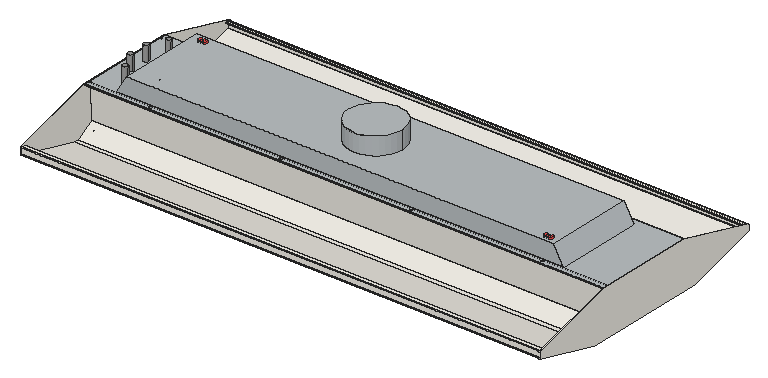
Revit family "NLRS_57_AIR_UN_induction-unit-oknv300_LT_sacs", category Mechanical Equipment, Revit 2020
Family settings
  Round Connector Dimension = Use Diameter
  Classification = None
  Part Type = Normal
  OmniClass Number = 23.75.00.00
  OmniClass Title = Climate Control (HVAC)
  Work Plane-Based = No
  Always vertical = Yes
  Cut with Voids When Loaded = No
  Shared = No
  Room Calculation Point = No
Parameters (values of type "300-1200")
  Type Comments = "Do not mirror the model!"  # constant formula
  SACS_Type_Mark [instance] = ""
  SACS_Standard_Color [instance] = yes
  SACS_Real_Width = 595.00 mm  # constant formula
  SACS_Real_Length [instance] = if(Requested length < SACS_Length_X2, SACS_Length_X2, if(Requested length > 2995.00 mm, 2995.00 mm, Requested length))  # 1195.00 mm
  SACS_Plenum_Offset = 580.00 mm
  SACS_Plenum_Material = Sendzimir verzinkt
  SACS_Plenum_L = 980.00 mm
  SACS_Option_4 [instance] = if([Flow configuration (1-3)] < 2, "2-sided", if([Flow configuration (1-3)] = 2, "1-sided left", "1-sided right"))  # "2-sided"
  SACS_Option_2 [instance] = if(Extravent, "BD", if([Nozzle plate type (1-7)] < 2, "A1", if([Nozzle plate type (1-7)] = 2, "A2", if([Nozzle plate type (1-7)] = 3, "B1", if([Nozzle plate type (1-7)] = 4, "B2", if([Nozzle plate type (1-7)] = 5, "B3", if([Nozzle plate type (1-7)] = 6, "C1", "C2")))))))  # "A1"
  SACS_Offset2 = if(SACS_Base_Index < 7, 55.00 mm, 35.00 mm)  # 55.00 mm
  SACS_Offset1 = if(SACS_Base_Index < 7, 35.00 mm, 55.00 mm)  # 35.00 mm
  SACS_Model [instance] = size_lookup(SACS_Data_Hidden, "Model", "NB", SACS_Base_Index * 1.00 mm, SACS_Index1, SACS_Index2, SACS_Index3, SACS_Index4, SACS_Real_Width, SACS_Index5, SACS_Index6)  # "OKNV 300/1200 A1K2 TO31 OOO 595x1195 RAL9010-55"
  SACS_Logo_X [instance] = SACS_Plenum_L / 2 - 25.00 mm  # 465.00 mm
  SACS_Length_X2 = 1140.00 mm
  SACS_Length_X [instance] = if(or(SACS_Base_Index > 57, and(Extravent, SACS_Base_Index = 5)), 300.00 mm, 225.00 mm)  # 225.00 mm
  SACS_Length_STD = 1195.00 mm
  SACS_Index6 [instance] = if(SACS_Standard_Color, 1.00 mm, 0.00 mm)  # 1.00 mm
  SACS_Index5 [instance] = if(SACS_Real_Length = SACS_Length_STD, SACS_Length_STD, 0.00 mm)  # 1195.00 mm
  SACS_Index4 [instance] = if([Plenum type (1-3)] < 2, 1.00 mm, if([Plenum type (1-3)] = 2, 2.00 mm, 3.00 mm))  # 1.00 mm
  SACS_Index3 [instance] = if([Flow configuration (1-3)] < 2, 1.00 mm, if([Flow configuration (1-3)] = 2, 2.00 mm, 3.00 mm))  # 1.00 mm
  SACS_Index2 [instance] = if([Heat exchanger type (1-3)] < 2, 1.00 mm, if([Heat exchanger type (1-3)] = 2, 2.00 mm, 3.00 mm))  # 1.00 mm
  SACS_Index1 [instance] = if(Extravent, 0.00 mm, if([Nozzle plate type (1-7)] < 2, 1.00 mm, if([Nozzle plate type (1-7)] > 6, 7.00 mm, [Nozzle plate type (1-7)] * 1.00 mm)))  # 1.00 mm
  SACS_Height2 [instance] = if(or(Extravent, SACS_Base_Index > 8), 60.00 mm, 40.00 mm)  # 40.00 mm
  SACS_Height1 [instance] = if(or(and(not(Extravent), SACS_Base_Index < 7), SACS_Base_Index < 2), 235.00 mm, 270.00 mm)  # 235.00 mm
  SACS_Flange_Color [instance] = RAL9010
  SACS_Face_Color [instance] = RAL9010 Perforated
  SACS_Data_Hidden [instance] = if(Extravent, "OKNV300_Extravent", "OKNV300_Fixed")  # "OKNV300_Fixed"
  SACS_Custom_Color [instance] = ""
  SACS_Connector_Base_Rotation [instance] = if([Plenum type (1-3)] < 2, 90.00°, if([Plenum type (1-3)] = 2, 180.00°, 0.00°))  # 90.00°
  SACS_Connecter_Height_Offset [instance] = if([Plenum type (1-3)] > 1, (SACS_Height1 - SACS_Diameter / 2) - 2.00 mm, SACS_Height2 + 6.00 mm)  # 46.00 mm
  SACS_Color_Ral [instance] = yes
  SACS_Color [instance] = if(SACS_Standard_Color, "Ral 9010-55", SACS_Custom_Color)  # "Ral 9010-55"
  SACS_Base_Index = 1
  SACS_Article_Code [instance] = size_lookup(SACS_Data_Hidden, "", "NB", SACS_Base_Index * 1.00 mm, SACS_Index1, SACS_Index2, SACS_Index3, SACS_Index4, SACS_Real_Width, SACS_Index5, SACS_Index6)  # "9011000017"
  SA-Select [instance] = "https://selectietool.solid-air.nl/Dashboard/CPMDashPage/Show/6"
  NLRS_P_c04_diameter [instance] = NLRS_P_c03_diameter  # 12.00 mm
  NLRS_P_c03_volumestroom [instance] = 0.0 L/s
  NLRS_P_c03_drukverlies_statisch [instance] = 0.0 Pa
  NLRS_P_c03_diameter [instance] = 12.00 mm  # constant formula
  NLRS_P_c02_diameter [instance] = NLRS_P_c01_diameter  # 12.00 mm
  NLRS_P_c01_volumestroom [instance] = 0.0 L/s
  NLRS_P_c01_drukverlies_statisch [instance] = 0.0 Pa
  NLRS_P_c01_diameter [instance] = if(SACS_Base_Index < 7, 12.00 mm, 15.00 mm)  # 12.00 mm
  NLRS_M_c01_drukverlies_statisch [instance] = 0.0 Pa
  NLRS_M_c01_debiet [instance] = 0.0 L/s
  NLRS_C_model [instance] = SACS_Model  # "OKNV 300/1200 A1K2 TO31 OOO 595x1195 RAL9010-55"
  NLRS_C_materiaal_kleur [instance] = SACS_Color  # "Ral 9010-55"
  NLRS_C_content_versie = "3.20.02"  # constant formula
  NLRS_C_content_provider = "Solid Air Climate Solutions"  # constant formula
  NLRS_C_content_datum_uitgifte = "02-06-2023"  # constant formula
  NLRS_C_content_creator = "J. Feeke"  # constant formula
  Minumum length OKNV [instance] = SACS_Length_X2  # 1140.00 mm
  LoadBearing = 1 = 0  # no
  IfcExportType = "DIFFUSER"  # constant formula
  IfcExportAs = "IfcAirTerminalType"  # constant formula
  IfcDescription = Description  # "Induction unit for use in modular ceilings, Type OKNI 300 and 400"
  Heat exchanger type (1-3) [instance] = 1
  Nozzle plate type (1-7) [instance] = 1
  Plenum type (1-3) [instance] = 1
  Flow configuration (1-3) [instance] = 1
  Requested length [instance] = 1195.00 mm
  URL = "https://solid-air.nl/producten/solid-air-inductie-units-okni/"
  SACS_Option_3 [instance] = if([Heat exchanger type (1-3)] < 2, "K (cooling)", if([Heat exchanger type (1-3)] = 2, "V (cooling & heating)", "O (none)"))  # "K (cooling)"
  SACS_Option_1 [instance] = if(not(Extravent), "Fixed", "Adjustable")  # "Fixed"
  SACS_Diameter [instance] = NLRS_M_c01_diameter - 2.00 mm  # 123.00 mm
  SACS_Connection_Side [instance] = if([Plenum type (1-3)] < 2, "T (top connection)", if([Plenum type (1-3)] = 2, "L (left)", "R (right)"))  # "T (top connection)"
  SACS_Checked_Array_Count [instance] = if(SACS_Real_Length / 300.00 mm < 2, 2, SACS_Real_Length / 300.00 mm)  # 4
  NLRS_M_c01_diameter [instance] = if(or(SACS_Base_Index < 5, and(SACS_Base_Index < 7, not(Extravent))), 125.00 mm, 160.00 mm)  # 125.00 mm
  FireRating = "00"  # constant formula
  Description = "Induction unit for use in modular ceilings, Type OKNI 300 and 400"  # constant formula
  Nominal width [instance] = SACS_Real_Width + 5.00 mm  # 600.00 mm
  Nominal length [instance] = SACS_Real_Length + 5.00 mm  # 1200.00 mm
  Default Elevation = 0.00 mm
  Assembly Code = "57.00"
  Extravent [instance] = no
Types (6, lengths in mm): name | SACS_Real_Length | SACS_Plenum_Offset | SACS_Plenum_L | SACS_Offset2 | SACS_Offset1 | SACS_Model | SACS_Logo_X | SACS_Length_X2 | SACS_Length_STD | SACS_Index5 | SACS_Height2 | SACS_Height1 | SACS_Connecter_Height_Offset | SACS_Base_Index | SACS_Article_Code | NLRS_P_c02_diameter | NLRS_P_c01_diameter | NLRS_C_model | Minumum length OKNV | Requested length | SACS_Diameter | SACS_Checked_Array_Count | NLRS_M_c01_diameter | Nominal length
  (no name) | 1195.00 | 580.00 | 980.00 | 55.00 | 35.00 | "OKNV 300/1200 A1K2 TO31 OOO 595x1195 RAL9010-55" | 465.00 | 1140.00 | 1195.00 | 1195.00 | 40.00 | 235.00 | 46.00 | 1 | "9011000017" | 12.00 | 12.00 | "OKNV 300/1200 A1K2 TO31 OOO 595x1195 RAL9010-55" | 1140.00 | 1195.00 | 123.00 | 4 | 125.00 | 1200.00
  300-1200 | 1195.00 | 580.00 | 980.00 | 55.00 | 35.00 | "OKNV 300/1200 A1K2 TO31 OOO 595x1195 RAL9010-55" | 465.00 | 1140.00 | 1195.00 | 1195.00 | 40.00 | 235.00 | 46.00 | 1 | "9011000017" | 12.00 | 12.00 | "OKNV 300/1200 A1K2 TO31 OOO 595x1195 RAL9010-55" | 1140.00 | 1195.00 | 123.00 | 4 | 125.00 | 1200.00
  300-1500 | 1495.00 | 730.00 | 1280.00 | 55.00 | 35.00 | "OKNV 300/1500 A1K2 TO31 OOO 595x1495 RAL9010-55" | 615.00 | 1440.00 | 1495.00 | 1495.00 | 40.00 | 235.00 | 46.00 | 3 | "NB" | 12.00 | 12.00 | "OKNV 300/1500 A1K2 TO31 OOO 595x1495 RAL9010-55" | 1440.00 | 1495.00 | 123.00 | 5 | 125.00 | 1500.00
  300-1800 | 1795.00 | 845.00 | 1510.00 | 55.00 | 35.00 | "OKNV 300/1800 A1K2 TO31 OOO 595x1795 RAL9010-55" | 730.00 | 1670.00 | 1795.00 | 1795.00 | 40.00 | 235.00 | 46.00 | 5 | "NB" | 12.00 | 12.00 | "OKNV 300/1800 A1K2 TO31 OOO 595x1795 RAL9010-55" | 1670.00 | 1795.00 | 123.00 | 6 | 125.00 | 1800.00
  300-2400 | 2395.00 | 1170.00 | 2110.00 | 35.00 | 55.00 | "OKNV 300/2400 A1K2 TO42 OOO 595x2395 RAL9010-55" | 1030.00 | 2295.00 | 2395.00 | 2395.00 | 40.00 | 270.00 | 46.00 | 7 | "NB" | 15.00 | 15.00 | "OKNV 300/2400 A1K2 TO42 OOO 595x2395 RAL9010-55" | 2295.00 | 2395.00 | 158.00 | 8 | 160.00 | 2400.00
  300-3000 | 2995.00 | 1470.00 | 2710.00 | 35.00 | 55.00 | "OKNV 300/3000 A1K2 TO42 OOO 595x2995 RAL9010-55" | 1330.00 | 2895.00 | 2995.00 | 2995.00 | 60.00 | 270.00 | 66.00 | 9 | "NB" | 15.00 | 15.00 | "OKNV 300/3000 A1K2 TO42 OOO 595x2995 RAL9010-55" | 2895.00 | 2995.00 | 158.00 | 10 | 160.00 | 3000.00
Reference planes
  plane 1 "Center (Front/Back)": y = 0
  plane 2: z = 0
  plane 3 "Center (Left/Right)": x = 0
  plane 4 "Grid_Length_Left": x = -600
  plane 5 "Grid_Length_Right": x = 600
  plane 6 "Front": y = -297.5
  plane 7 "Line_Offset": z = 46
  plane 8 "Back": y = 297.5
  plane 9: x = -597.5
  plane 10: x = 597.5
  plane 11 "Left Holes": x = -450
  plane 12 "Hole_offset": x = -150
  plane 13 "Center_Plenum_X": x = -20
  plane 14 "Grid_Width_Back": y = 300
  plane 15 "Grid_Width_Front": y = -300
Forms (mm)
  Extrusion 1, solid, material "RAL9010 Perforated" <- "SACS_Face_Color", detail levels medium+fine
    sketch origin (-72.5, 50, 0) x (1, 0, 0) y (0, 1, 0)
      loop
        line (-524, 22.4) -> (-524, -122.4) -> (669, -122.4) -> (669, 22.4) -> (-524, 22.4)
    from 1 to 2
  Extrusion 2, solid, material "Sendzimir verzinkt" <- "SACS_Plenum_Material", detail levels medium+fine
    sketch origin (0, 0, 0) x (1, 0, 0) y (0, 1, 0)
      loop
        line (-596.5, 115) -> (-596.5, -115) -> (596.5, -115) -> (596.5, 115) -> (-596.5, 115)
    from 106.01 to 107.01
  Extrusion 3, solid, material "Copper", detail levels medium+fine
    sketch origin (0, 0, 0) x (1, 0, 0) y (0, 1, 0)
      loop
        circle (-545, 62.5) r 6
      loop
        circle (-565, 22.5) r 6
      loop
        circle (-565, -22.5) r 6
      loop
        circle (-545, -62.5) r 6
    from 106.01 to 139.51
  Sweep 4, solid, material "RAL9010" <- "SACS_Flange_Color", detail levels medium+fine
    path in 3D
      loop
        line (-596.5, 0, 0) -> (596.5, 0, 0)
    profile "profile oknv_Side 300 : profile oknv_Side 300" origin (0, 0, 0) x (0, 1, 0) y (0, 0, 1)
      loop
        line (-72.4, 1) -> (-72.4, 2) -> (-93.499, 2)
        arc (-93.499, 2) -> (-94.222, 2.55) -> (-93.886, 3.393) r 0.75
        line (-93.886, 3.393) -> (-76.909, 13.59)
        arc (-76.909, 13.59) -> (-76.287, 14.228) -> (-76.06, 15.09) r 1.75
        line (-76.06, 15.09) -> (-76.06, 75) -> (-77.06, 75) -> (-77.06, 14.665) -> (-91.755, 5.839) -> (-94.375, 4.266)
        arc (-94.375, 4.266) -> (-95.19, 2.297) -> (-93.5, 1) r 1.75
        line (-93.5, 1) -> (-72.4, 1)
      loop
        line (-143.899, 0) -> (-134.01, 0)
        arc (-134.01, 0) -> (-133.542, 0.064) -> (-133.109, 0.25) r 1.75
        line (-133.109, 0.25) -> (-123.733, 5.839) -> (-95.049, 22.94)
        arc (-95.049, 22.94) -> (-94.398, 23.632) -> (-94.204, 24.562) r 1.75
        line (-94.204, 24.562) -> (-100.204, 104.372)
        arc (-100.204, 104.372) -> (-100.757, 105.53) -> (-101.95, 106) r 1.75
        line (-101.95, 106) -> (-115.15, 106) -> (-115.15, 105) -> (-101.95, 105)
        arc (-101.95, 105) -> (-101.44, 104.8) -> (-101.202, 104.306) r 0.75
        line (-101.202, 104.306) -> (-95.202, 24.496)
        arc (-95.202, 24.496) -> (-95.284, 24.094) -> (-95.566, 23.796) r 0.75
        line (-95.566, 23.796) -> (-133.803, 1) -> (-143.768, 1) -> (-295.944, 41.776)
        arc (-295.944, 41.776) -> (-296.345, 42.043) -> (-296.5, 42.5) r 0.75
        line (-296.5, 42.5) -> (-296.5, 55.65)
        arc (-296.5, 55.65) -> (-296.28, 56.18) -> (-295.75, 56.4) r 0.75
        line (-295.75, 56.4) -> (-287.5, 56.4) -> (-287.5, 57.4) -> (-295.75, 57.4)
        arc (-295.75, 57.4) -> (-296.987, 56.887) -> (-297.5, 55.65) r 1.75
        line (-297.5, 55.65) -> (-297.5, 42.5)
        arc (-297.5, 42.5) -> (-297.138, 41.435) -> (-296.203, 40.81) r 1.75
        line (-296.203, 40.81) -> (-143.899, 0)
      loop
        line (72.4, 1) -> (93.5, 1)
        arc (93.5, 1) -> (95.19, 2.297) -> (94.375, 4.266) r 1.75
        line (94.375, 4.266) -> (91.755, 5.839) -> (77.06, 14.665) -> (77.06, 75) -> (76.06, 75) -> (76.06, 15.09)
        arc (76.06, 15.09) -> (76.287, 14.228) -> (76.909, 13.59) r 1.75
        line (76.909, 13.59) -> (93.886, 3.393)
        arc (93.886, 3.393) -> (94.222, 2.55) -> (93.499, 2) r 0.75
        line (93.499, 2) -> (72.4, 2) -> (72.4, 1)
      loop
        line (143.899, 0) -> (296.203, 40.81)
        arc (296.203, 40.81) -> (297.138, 41.435) -> (297.5, 42.5) r 1.75
        line (297.5, 42.5) -> (297.5, 55.65)
        arc (297.5, 55.65) -> (296.987, 56.887) -> (295.75, 57.4) r 1.75
        line (295.75, 57.4) -> (287.5, 57.4) -> (287.5, 56.4) -> (295.75, 56.4)
        arc (295.75, 56.4) -> (296.28, 56.18) -> (296.5, 55.65) r 0.75
        line (296.5, 55.65) -> (296.5, 42.5)
        arc (296.5, 42.5) -> (296.345, 42.043) -> (295.944, 41.776) r 0.75
        line (295.944, 41.776) -> (143.768, 1) -> (133.803, 1) -> (95.566, 23.796)
        arc (95.566, 23.796) -> (95.284, 24.094) -> (95.202, 24.496) r 0.75
        line (95.202, 24.496) -> (101.202, 104.306)
        arc (101.202, 104.306) -> (101.44, 104.8) -> (101.95, 105) r 0.75
        line (101.95, 105) -> (115.15, 105) -> (115.15, 106) -> (101.95, 106)
        arc (101.95, 106) -> (100.757, 105.53) -> (100.204, 104.372) r 1.75
        line (100.204, 104.372) -> (94.204, 24.562)
        arc (94.204, 24.562) -> (94.398, 23.632) -> (95.049, 22.94) r 1.75
        line (95.049, 22.94) -> (123.733, 5.839) -> (133.109, 0.25)
        arc (133.109, 0.25) -> (133.542, 0.064) -> (134.01, 0) r 1.75
        line (134.01, 0) -> (143.899, 0)
  Extrusion 5, solid, material "Sendzimir verzinkt" <- "SACS_Plenum_Material", detail levels medium+fine
    sketch origin (-20, 0, 146) x (1, 0, 0) y (0, 1, 0)
      loop
        circle (0, 0.066) r 61.5
    from 0 to 40
Lines and regions (mm)
  model lines, style "MechanicalEquipmentHiddenLines", not visible
    curve 1: line (-596.5, 0, 0) -> (596.5, 0, 0)
  sketch lines
    curve 2: line (-596.5, 0, 0) -> (596.5, 0, 0)
  reference lines
    curve 3: line (-20, 0, 46) -> (-20, 0, 146)
Dimensions and locks
  "SACS_Connecter_Height_Offset": plane 7 "Line_Offset" to level
  equal spacing: Extrusion 3 sketch curve, plane 1 "Center (Front/Back)", Extrusion 3 sketch curve  (x2)
  locked: Extrusion 3 sketch curve to Extrusion 3 sketch curve at 45
  "SACS_Offset1": plane 4 "Grid_Length_Left" to Extrusion 3 sketch curve  (x2)
  locked: Extrusion 3 sketch curve to Extrusion 3 sketch curve at 125
  locked: plane 1 "Center (Front/Back)" to Extrusion 1 sketch curve at 72.4  (x2)
  locked: Extrusion 1 sketch curve to plane 5 "Grid_Length_Right" at 3.5
  locked: plane 4 "Grid_Length_Left" to Extrusion 1 sketch curve at 3.5
  equal spacing: plane 4 "Grid_Length_Left", plane 3 "Center (Left/Right)", plane 5 "Grid_Length_Right"
  "Nominal length": plane 4 "Grid_Length_Left" to plane 5 "Grid_Length_Right"
  locked: plane 4 "Grid_Length_Left" to plane 11 "Left Holes" at 150
  locked: plane 11 "Left Holes" to plane 12 "Hole_offset" at 300
  equal spacing: group 1, group 2, group 3, group 4  (x3)
  "SACS_Offset2": plane 4 "Grid_Length_Left" to Extrusion 3 sketch curve  (x2)
  locked: plane 4 "Grid_Length_Left" to plane 9 at 2.5
  locked: plane 10 to plane 5 "Grid_Length_Right" at 2.5
  Extrusion 2 sketch curve to plane 1 "Center (Front/Back)" to Extrusion 2 sketch curve = 115.00 mm locked, 115.00 mm locked
  locked: curve 1 to plane 5 "Grid_Length_Right" at 3.5
  locked: curve 1 to plane 4 "Grid_Length_Left" at 3.5
  "SACS_Plenum_Offset": plane 4 "Grid_Length_Left" to plane 13 "Center_Plenum_X"
  locked: curve 3 to curve 3 at 100
  locked: curve 3 to plane 7 "Line_Offset"
  locked: curve 3 to plane 1 "Center (Front/Back)"
  nested 7 to level = 146.00 mm
  equal spacing: plane 14 "Grid_Width_Back", plane 1 "Center (Front/Back)", plane 15 "Grid_Width_Front"
  "Nominal width": plane 14 "Grid_Width_Back" to plane 15 "Grid_Width_Front"
  locked: plane 14 "Grid_Width_Back" to plane 8 "Back" at 2.5
  locked: plane 6 "Front" to plane 15 "Grid_Width_Front" at 2.5
  "SACS_Logo_X": nested 9 to plane 13 "Center_Plenum_X"
  locked: plane 1 "Center (Front/Back)" to nested 9 at 85
  "SACS_Logo_X": plane 13 "Center_Plenum_X" to nested 10
  locked: nested 10 to plane 1 "Center (Front/Back)" at 85
  locked: plane 4 "Grid_Length_Left" to Extrusion 2 sketch curve at 3.5
  locked: Extrusion 2 sketch curve to plane 5 "Grid_Length_Right" at 3.5
  "NLRS_P_c01_diameter": diameter of Extrusion 3 sketch curve  (x2)
  "NLRS_P_c03_diameter": diameter of Extrusion 3 sketch curve  (x2)
  "SACS_Diameter": diameter of Extrusion 5 sketch curve
  "SACS_Connector_Base_Rotation": angle curve 3 to plane 7 "Line_Offset"
  aligned and locked: level to plane 2
  aligned and locked: plane 11 "Left Holes" to nested 1
  aligned and locked: plane 12 "Hole_offset" to nested 2
  aligned and locked: plane 10 to nested 6
  aligned and locked: nested 5 to plane 9
  aligned and locked: plane 13 "Center_Plenum_X" to nested 7
  aligned and locked: plane 1 "Center (Front/Back)" to nested 7
  aligned and locked: plane 3 "Center (Left/Right)" to nested 8
  aligned and locked: nested 8 to plane 1 "Center (Front/Back)"
Automatic sketch dimensions
  plane 1 "Center (Front/Back)" to curve 1 = 0.00 mm
  Extrusion 5 sketch curve to plane 13 "Center_Plenum_X" = 0.00 mm
  Extrusion 5 sketch curve to plane 1 "Center (Front/Back)" = 0.066 mm
Nested families
  nested 1: "Okni_hanger_holes" at (-450, 0, 107.01), type "Okni_hanger_holes"
    with Thickness 2.00 mm, Hole_R 3.00 mm, Distance 219.00 mm
  nested 2: "Okni_hanger_holes" at (-150, 0, 107.01), type "Okni_hanger_holes"
    with Thickness 2.00 mm, Hole_R 3.00 mm, Distance 219.00 mm
  nested 3: "Okni_hanger_holes" at (150, 0, 107.01), type "Okni_hanger_holes"
    with Thickness 2.00 mm, Hole_R 3.00 mm, Distance 219.00 mm
  nested 4: "Okni_hanger_holes" at (450, 0, 107.01), type "Okni_hanger_holes"
    with Thickness 2.00 mm, Hole_R 3.00 mm, Distance 219.00 mm
  nested 5: "Okni_Sideplate" at (-596.5, 0, 0) x (-1, 0, 0) z (0, 0, 1), type "Okni_Sideplate", detail levels medium+fine
  nested 6: "Okni_Sideplate" at (596.5, 0, 0), type "Okni_Sideplate", detail levels medium+fine
  nested 7: "Okni_Plenum" at (-20, 0, 106), type "Okni_Plenum", detail levels medium+fine
    with Type_Left no, Show_Plenum no, Plenum_Base_Height 40.00 mm, Plenum_Base_Angle 60.00°, Connection_Type 1, Angle_Right 40.00°, Angle_Left 90.00°
  nested 8: "Supply_Arrows_OKNI" at (0, 0, 0) x (0, 1, 0) z (0, 0, 1), type "Supply_Arrows_OKNI"
    with Width 595.00 mm
  nested 9: "logo_single" at (-485, 85, 146), type "logo_single"
  nested 10: "logo_single" at (445, -85, 146), type "logo_single"
Connectors
  hvac at (-20, 0.066, 146), driven by "NLRS_M_c01_diameter", driven by "NLRS_M_c01_drukverlies_statisch", driven by "NLRS_M_c01_debiet"
    settings: on Extrusion 5, index 1, duct flow 0.0 L/s, flow factor 0, pres drop 0.0 Pa, loss coef 0, conn angle 0.00°, conn width 304.8 mm, conn height 304.8 mm, conn diameter 125 mm, duct sys type 1, conn prof type 0, flow config 1, flow direction 1, loss method 4, conn ref index -1, conn util no, is conn primary yes, conn desc ""
  piping at (-565, 22.5, 139.51), diameter 12, driven by "NLRS_P_c01_diameter", driven by "NLRS_P_c01_volumestroom", driven by "NLRS_P_c03_drukverlies_statisch"
    settings: on Extrusion 3, index 2, connector inside diameter 609.6 mm, connector length 0.00 mm, flow factor 0, pipe flow 0.0 L/s, pressure drop 0.0 Pa, fitting loss kfactor 0, connector angle 0.00°, fixture units 0, engagement length 0.00 mm, angle of deflection 0.00°, flow configuration 1, flow direction 0, fitting loss method 4, system type 29, joint type 0, gender type 0, connector reference index -1, connector utility 0, adjustable connector no, is connector primary yes, connector description "Heating"
  piping at (-565, -22.5, 139.51), diameter 12, driven by "NLRS_P_c01_diameter", driven by "NLRS_P_c01_volumestroom", driven by "NLRS_P_c01_drukverlies_statisch"
    settings: on Extrusion 3, index 3, connector inside diameter 609.6 mm, connector length 0.00 mm, flow factor 0, pipe flow 0.0 L/s, pressure drop 0.0 Pa, fitting loss kfactor 0, connector angle 0.00°, fixture units 0, engagement length 0.00 mm, angle of deflection 0.00°, flow configuration 1, flow direction 0, fitting loss method 4, system type 29, joint type 0, gender type 0, connector reference index -1, connector utility 0, adjustable connector no, is connector primary no, connector description "Heating"
  piping at (-545, 62.5, 139.51), diameter 12, driven by "NLRS_P_c03_diameter", driven by "NLRS_P_c03_volumestroom", driven by "NLRS_P_c03_drukverlies_statisch"
    settings: on Extrusion 3, index 4, connector inside diameter 609.6 mm, connector length 0.00 mm, flow factor 0, pipe flow 0.0 L/s, pressure drop 0.0 Pa, fitting loss kfactor 0, connector angle 0.00°, fixture units 0, engagement length 0.00 mm, angle of deflection 0.00°, flow configuration 1, flow direction 0, fitting loss method 4, system type 29, joint type 0, gender type 0, connector reference index -1, connector utility 0, adjustable connector no, is connector primary no, connector description "Cooling"
  piping at (-545, -62.5, 139.51), diameter 12, driven by "NLRS_P_c03_diameter", driven by "NLRS_P_c03_volumestroom", driven by "NLRS_P_c03_drukverlies_statisch"
    settings: on Extrusion 3, index 5, connector inside diameter 609.6 mm, connector length 0.00 mm, flow factor 0, pipe flow 0.0 L/s, pressure drop 0.0 Pa, fitting loss kfactor 0, connector angle 0.00°, fixture units 0, engagement length 0.00 mm, angle of deflection 0.00°, flow configuration 1, flow direction 0, fitting loss method 4, system type 29, joint type 0, gender type 0, connector reference index -1, connector utility 0, adjustable connector no, is connector primary no, connector description "Cooling"
Definition of nested family "Okni_Sideplate"
  Parameters (values of type "Okni_Sideplate")
    material = none
    Default Elevation = 0.00 mm
  Reference planes
    plane 1 "Center (Front/Back)": y = 0
    plane 2: z = 0
    plane 3 "Center (Left/Right)": x = 0
  Forms (mm)
    Extrusion 1, solid, material <- "material"
      sketch origin (0, 0, 0) x (0, 1, 0) y (0, 0, 1)
        loop
          line (297.5, 42.5) -> (297.5, 56.161)
          arc (297.5, 56.161) -> (297.14, 57.225) -> (296.208, 57.85) r 1.75
          line (296.208, 57.85) -> (115, 107) -> (-115, 107) -> (-296.208, 57.85)
          arc (-296.208, 57.85) -> (-297.14, 57.225) -> (-297.5, 56.161) r 1.75
          line (-297.5, 56.161) -> (-297.5, 42.5)
          arc (-297.5, 42.5) -> (-297.138, 41.435) -> (-296.203, 40.81) r 1.75
          line (-296.203, 40.81) -> (-143.898, 0) -> (143.898, 0) -> (296.203, 40.81)
          arc (296.203, 40.81) -> (297.138, 41.435) -> (297.5, 42.5) r 1.75
      from 0 to 1
    Extrusion 2, solid, material <- "material"
      sketch origin (0, 0, 0) x (1, 0, 0) y (0, 1, 0)
        loop
          line (-11, 131.43) -> (-11, -131.43) -> (0, -131.43) -> (0, 131.43) -> (-11, 131.43)
      from 0 to 1
  Cuts and joins
    joined: Extrusion 1, Extrusion 2
  Dimensions and locks
    locked: Extrusion 2 sketch curve to plane 3 "Center (Left/Right)" at 11
    locked: plane 1 "Center (Front/Back)" to Extrusion 2 sketch curve at 131.43
    locked: Extrusion 2 sketch curve to plane 1 "Center (Front/Back)" at 131.43
    aligned and locked: level to plane 2
Definition of nested family "Okni_Plenum"
  Parameters (values of type "Okni_Plenum")
    material = none
    Type_Left = Connection_Type = 2  # yes
    Show_Plenum = Connection_Type > 1  # yes
    Plenum_Width = 225.00 mm
    Plenum_Top_Height = Plenum_H - 106.00 mm  # 129.00 mm
    Plenum_H = 235.00 mm
    Plenum_Base_Width = 980.00 mm
    Plenum_Base_Height = 60.00 mm
    Plenum_Base_Angle = if(Plenum_Base_Height = 40.00 mm, 60.00°, 69.00°)  # 69.00°
    Default Elevation = 0.00 mm
    Connection_Type = 2
    Angle_Right = if(Type_Left, 90.00°, 40.00°)  # 90.00°
    Angle_Left = if(Type_Left, 40.00°, 90.00°)  # 40.00°
  Reference planes
    plane 1 "Center (Front/Back)": y = 0
    plane 2: z = 0
    plane 3 "Center (Left/Right)": x = 0
    plane 4: y = 100
    plane 5: y = -100
    plane 6: z = 129
    plane 7: x = -112.5
    plane 8: x = 112.5
    plane 9 "left": x = -490
    plane 10: x = 490
    plane 11: z = 60
  Forms (mm)
    Extrusion 1, solid, material <- "material", visible <- "Show_Plenum"
      sketch origin (0, 0, 40) x (0, 1, 0) y (0, 0, 1)
        loop
          line (100, 20) -> (17.769, 89) -> (-100, 89) -> (-100, 20) -> (100, 20)
      from -112.5 to 112.5
    Extrusion 2, solid, material <- "material"
      sketch origin (0, 0, 0) x (1, 0, 0) y (0, 0, 1)
        loop
          line (-490, 60) -> (-513.032, 0) -> (513.032, 0) -> (490, 60) -> (-490, 60)
      from -100 to 100
  Dimensions and locks
    locked: plane 4 to plane 1 "Center (Front/Back)" at 100
    locked: plane 1 "Center (Front/Back)" to plane 5 at 100
    equal spacing: plane 7, plane 3 "Center (Left/Right)", plane 8
    "Plenum_Width": plane 7 to plane 8
    equal spacing: plane 9 "left", plane 3 "Center (Left/Right)", plane 10
    "Plenum_Base_Width": plane 9 "left" to plane 10
    "Plenum_Base_Height": plane 11 to level
    "Plenum_Top_Height": plane 6 to level
    "Angle_Left": angle Extrusion 1 sketch curve to Extrusion 1 sketch curve
    "Angle_Right": angle Extrusion 1 sketch curve to Extrusion 1 sketch curve
    "Plenum_Base_Angle": angle Extrusion 2 sketch curve to Extrusion 2 sketch curve  (x2)
    aligned and locked: level to plane 2
    aligned and locked: plane 6 to Extrusion 1 sketch curve
    aligned and locked: plane 5 to Extrusion 1 sketch curve
    aligned and locked: plane 4 to Extrusion 1 sketch curve
    aligned and locked: Extrusion 1 to plane 7
    aligned and locked: plane 8 to Extrusion 1
    aligned and locked: plane 9 "left" to Extrusion 2 sketch curve
    aligned and locked: plane 10 to Extrusion 2 sketch curve
    aligned and locked: Extrusion 2 to plane 4
    aligned and locked: plane 5 to Extrusion 2
    aligned and locked: Extrusion 2 to plane 5
    aligned and locked: Extrusion 1 sketch curve to plane 11
    aligned and locked: plane 11 to Extrusion 2 sketch curve
  Automatic sketch dimensions
    Extrusion 2 sketch curve to level = 0.00 mm
Definition of nested family "logo_single"
  Parameters (values of type "logo_single")
    t = 5.00 mm
    Model = "LOD 400"
    Description = "Model type"
    Default Elevation = 1219.20 mm
  Reference planes
    plane 1 "Center (Front/Back)": y = 0
    plane 2: z = 0
    plane 3 "Center (Left/Right)": x = 0
    plane 4: z = 2
    plane 5: x = -10
    plane 6: y = -5
    plane 7: y = 5
    plane 8: x = -5
    plane 9: x = 5
    plane 10: x = 10
  Forms (mm)
    Extrusion 1, solid
      sketch origin (-547.644, -297.937, 0) x (1, 0, 0) y (0, 1, 0)
        loop
          arc (542.644, 302.937) -> (537.644, 297.937) -> (542.644, 292.937) r 5
          line (542.644, 292.937) -> (542.644, 297.937) -> (547.644, 292.937) -> (547.644, 297.937) -> (542.644, 302.937)
      from 0 to 2
    Extrusion 2, solid
      sketch origin (0, 0, 0) x (1, 0, 0) y (0, 1, 0)
        loop
          arc (5, -5) -> (10, 0) -> (5, 5) r 5
          line (5, 5) -> (5, 0) -> (0, 5) -> (0, 0) -> (5, -5)
      from 0 to 2
  Dimensions and locks
    "t": plane 7 to plane 1 "Center (Front/Back)"
    "t": plane 6 to plane 1 "Center (Front/Back)"
    "t": plane 5 to plane 8
    "t": plane 8 to plane 3 "Center (Left/Right)"
    "t": plane 3 "Center (Left/Right)" to plane 9
    "t": plane 9 to plane 10
    aligned and locked: level to plane 2
    aligned and locked: plane 4 to Extrusion 1
  Automatic sketch dimensions
    plane 1 "Center (Front/Back)" to Extrusion 1 sketch curve = 0.00 mm  (x3)
    Extrusion 1 sketch curve to plane 8 = 0.00 mm
    Extrusion 1 sketch curve to plane 7 = 0.00 mm
    Extrusion 1 sketch curve to plane 3 "Center (Left/Right)" = 0.00 mm
    Extrusion 1 sketch curve to plane 6 = 0.00 mm
    Extrusion 2 sketch curve to plane 3 "Center (Left/Right)" = 0.00 mm
    plane 1 "Center (Front/Back)" to Extrusion 2 sketch curve = 0.00 mm  (x3)
    Extrusion 2 sketch curve to plane 6 = 0.00 mm
    Extrusion 2 sketch curve to plane 9 = 0.00 mm
    Extrusion 2 sketch curve to plane 7 = 0.00 mm
Definition of nested family "Supply_Arrows_OKNI"
  Parameters (values of type "Supply_Arrows_OKNI")
    Width = 295.00 mm
    Right = not(Flow Type = 2)  # yes
    Offset = (Length - ((Count - 1) * 300.00 mm)) / 2  # 147.50 mm
    Length = 1195.00 mm
    Left = Flow Type < 3  # yes
    Flow Type = 1
    Enabled = yes
    Count = rounddown((Length - 150.00 mm) / 300.00 mm) + 1  # 4
  Reference planes
    plane 1 "Center (Front/Back)": y = 0
    plane 2: z = 0
    plane 3 "Center (Left/Right)": x = 0
    plane 4: y = 597.5
    plane 5: y = 0
    plane 6: y = -597.5
    plane 7: x = 0
    plane 8: y = 0
    plane 9 "left": x = -147.5
    plane 10 "right": x = 147.5
  Lines and regions (mm)
    detail lines, in view "Ref. Level", detail levels coarse
      curve 1: line (147.5, 597.5, 0) -> (-147.5, 597.5, 0)
      curve 2: line (147.5, -597.5, 0) -> (147.5, 597.5, 0)
      curve 3: line (-147.5, -597.5, 0) -> (147.5, -597.5, 0)
      curve 4: line (-147.5, 597.5, 0) -> (-147.5, -597.5, 0)
      curve 5: line (-147.5, 597.5, 0) -> (147.5, -597.5, 0)
      curve 6: line (147.5, 597.5, 0) -> (-147.5, -597.5, 0)
  Dimensions and locks
    locked: plane 3 "Center (Left/Right)" to plane 7
    equal spacing: plane 4, plane 1 "Center (Front/Back)", plane 6
    "Length": plane 4 to plane 6
    equal spacing: plane 9 "left", plane 3 "Center (Left/Right)", plane 10 "right"
    "Width": plane 9 "left" to plane 10 "right"
    locked: plane 10 "right" to nested 1 at 25
    locked: nested 2 to plane 9 "left" at 25
    "Offset": nested 1 to plane 6
    equal spacing: group 1, group 2, group 3, group 4  (x3)
    locked: nested 1 to nested 3 at 300
    locked: plane 10 "right" to nested 3 at 25
    "Offset": nested 2 to plane 6
    equal spacing: group 5, group 6, group 7, group 8  (x3)
    locked: nested 6 to nested 2 at 300
    locked: nested 6 to plane 9 "left" at 25
    aligned and locked: plane 4 to curve 1
    aligned and locked: curve 3 to plane 6
    aligned and locked: curve 4 to plane 9 "left"
    aligned and locked: plane 6 to curve 2
    aligned and locked: plane 10 "right" to curve 2
  Nested families
    nested 1: "Arrow" at (172.5, -450, 0), visible <- "Right", type "Arrow", in view "Ref. Level"
    nested 2: "Arrow" at (-172.5, -450, 0) x (-1, 0, 0) z (0, 0, 1), visible <- "Left", type "Arrow", in view "Ref. Level"
    nested 3: "Arrow" at (172.5, -150, 0), visible <- "Right", type "Arrow", in view "Ref. Level"
    nested 4: "Arrow" at (172.5, 150, 0), visible <- "Right", type "Arrow", in view "Ref. Level"
    nested 5: "Arrow" at (172.5, 450, 0), visible <- "Right", type "Arrow", in view "Ref. Level"
    nested 6: "Arrow" at (-172.5, -150, 0) x (-1, 0, 0) z (0, 0, 1), visible <- "Left", type "Arrow", in view "Ref. Level"
    nested 7: "Arrow" at (-172.5, 150, 0) x (-1, 0, 0) z (0, 0, 1), visible <- "Left", type "Arrow", in view "Ref. Level"
    nested 8: "Arrow" at (-172.5, 450, 0) x (-1, 0, 0) z (0, 0, 1), visible <- "Left", type "Arrow", in view "Ref. Level"
  Definition of nested family "Arrow"
    Parameters (values of type "Arrow")
      Offset = 400.00 mm
      Arrow_Length = 175.00 mm  # constant formula
    Reference planes
      plane 1 "Center (Front/Back)": y = 0
      plane 2: z = 0
      plane 3 "Center (Left/Right)": x = 0
      plane 4: x = 175
      plane 5: y = 0
      plane 6: x = 175
      plane 7: x = 0
      plane 8: y = 0
    Lines and regions (mm)
      Filled region 1, type "Solid Fill - Black", in view "Ref. Level"
        outline origin (0, 0, 0) x (0, -1, 0) y (1, 0, 0)
          loop
            line (0, 175) -> (-21.131, 129.685) -> (21.131, 129.685) -> (0, 175)
      detail lines, in view "Ref. Level"
        curve 1: line (0, 0, 0) -> (152.343, 0, 0)
    Dimensions and locks
      locked: plane 3 "Center (Left/Right)" to plane 7
      locked: plane 8 to plane 1 "Center (Front/Back)" at 0
      locked: Filled region 1 sketch curve to Filled region 1 sketch curve at 50  (x2)
      "Arrow_Length": plane 3 "Center (Left/Right)" to plane 6
      locked: Filled region 1 sketch curve to curve 1 (angle 25.00°)
      locked: curve 1 to Filled region 1 sketch curve (angle 25.00°)
    Automatic sketch dimensions
      plane 1 "Center (Front/Back)" to Filled region 1 sketch curve = 0.00 mm
      Filled region 1 sketch curve to plane 4 = 45.315 mm
      plane 1 "Center (Front/Back)" to curve 1 = 0.00 mm
      curve 1 to plane 3 "Center (Left/Right)" = 0.00 mm
      curve 1 to plane 4 = 22.657 mm
